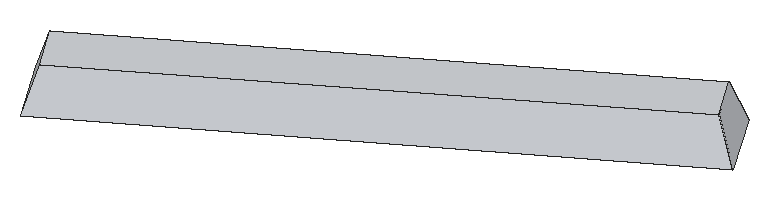
Revit family "Parking Stall_Angled_VersionAlt", category Parking, Revit 2025
Family settings
  Work Plane-Based = Yes
  Always vertical = No
  Cut with Voids When Loaded = No
  Shared = No
Parameters (values of type "Standard")
  W = 9' - 0"
  Type Comments = "Standard"
  L = 23' - 0"
  EA_Repath [instance] = 0' - 0"
  Default Elevation = 4' - 0"
Reference planes (in)
  plane 1 "Back": y = 0
  plane 2: z = 0
  plane 3 "Left": x = 0
  plane 4: x = 108
  plane 5: y = 276
  plane 6: x = 54
Lines and regions (in)
  model lines, style "Heavy"
    curve 1: line (0, 0, 0) -> (0, 276, 0)
    curve 3: line (108, 338.35383, 0) -> (108, 62.35383, 0)
  model lines, style "Light"
    curve 2: line (108, 62.35383, 0) -> (0, 0, 0)
Dimensions and locks (in)
  "L": plane 5 to plane 1 "Back"
  "W": plane 3 "Left" to plane 4
  equal spacing: plane 3 "Left", plane 6, plane 4
  "L": curve 3 to curve 3
  locked: plane 1 "Back" to curve 2 (angle 30.00°)
  aligned and locked: level to plane 2
  aligned and locked: plane 3 "Left" to curve 1
  aligned and locked: curve 3 to plane 4
Automatic sketch dimensions
  plane 1 "Back" to curve 2 = 0' - 0"
  curve 1 to plane 5 = 0' - 0"
Nested families (in)
  nested 1: "stoper" at (54, 49.17691, 0) x (0.866, 0.5, 0) z (0, 0, 1), type "stoper"
Definition of nested family "stoper"
  Parameters (values of type "stoper")
    w = 1' - 0"  # constant formula
    l = 7' - 0"  # constant formula
    delta = 0' - 2"  # constant formula
  Reference planes (in)
    plane 1 "Center (Front/Back)": y = 0
    plane 2: z = 0
    plane 3 "Center (Left/Right)": x = 0
  Forms (in)
    Blend 1, solid
      base sketch origin (0, 0, 0) x (1, 0, 0) y (0, 1, 0)
        loop
          line (-42, 6) -> (-42, -6) -> (42, -6) -> (42, 6) -> (-42, 6)
      top sketch origin (0, 0, 0) x (1, 0, 0) y (0, 1, 0)
        loop
          line (-40, 4) -> (-40, -4) -> (40, -4) -> (40, 4) -> (-40, 4)
      from 0 to 6
  Dimensions and locks (in)
    equal spacing: Blend 1 sketch curve, plane 3 "Center (Left/Right)", Blend 1 sketch curve
    "l": Blend 1 sketch curve to Blend 1 sketch curve
    equal spacing: Blend 1 sketch curve, plane 1 "Center (Front/Back)", Blend 1 sketch curve
    "w": Blend 1 sketch curve to Blend 1 sketch curve
    "delta": Blend 1 sketch curve to var sketch  (x3)
    "delta": var sketch to Blend 1 sketch curve
    aligned and locked: level to plane 2
